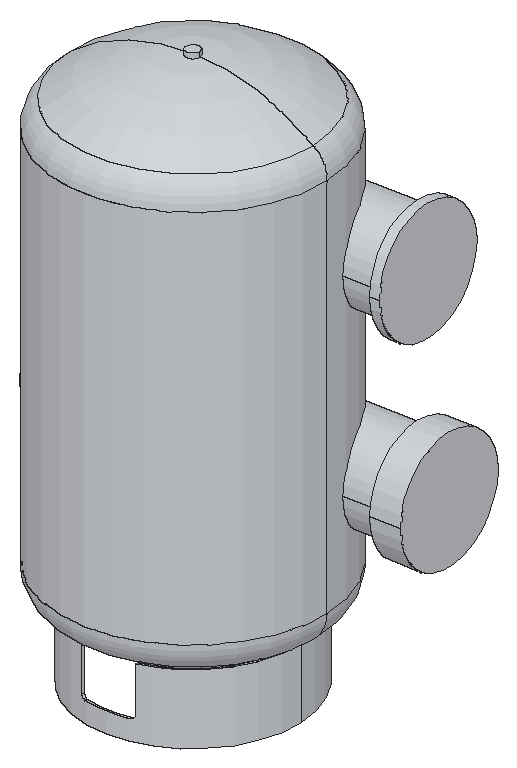
Revit family
Parameters (values of type "10-AS 125# W.P.")
  Weight = "351 lbs"
  Top to Inlet = 18.000"
  Top Connection Radius = 0.375"
  Top Connection Diameter = Top Connection Radius * 2  # 0.750"
  Tank Height = 62.750"
  Tangential = yes
  Tank Height Less Stand = 58.000"
  Tank Diameter = 30.000"
  Pipe Location off CL = 7.750"
  Outlet Pipe Flange Conn. Radius = Outlet Pipe Flange Conn / 2  # 5.000"
  Outlet Pipe Flange Conn = 10.000"
  Model = "10\"-AS"
  Pressure Drop = ".64"
  Max Operating Temp = "350 DEG F"
  Max Operating Pressure = "125 PSI"
  Manufacturer = "Amtrol"
  Inlet CL to Outlet CL = 22.000"
  Inlet Pipe Flange Conn = 10.000"
  Inlet Pipe Flange Conn. Radius = Inlet Pipe Flange Conn / 2  # 5.000"
  Flow (GPM) = "1480"
  Flange to Flange Height = 40.000"
  CL to Outlet Flange = 20.000"
  Bottom Connection Radius = Bottom Connection Diameter / 2  # 0.375"
  Bottom Connection Diameter = 0.750"
  ASME = yes
Types (6): name | Weight | Max Operating Pressure
  (no name) | "351 lbs" | "125 PSI"
  10-AS 125# W.P. | "351 lbs" | "125 PSI"
  10-AS 150# W.P. 10 BAR | "770 lbs" | "150 PSI"
  10-AS 175# W.P. | "770 lbs" | "175 PSI"
  10-AS 250# W.P. | "770 lbs" | "250 PSI"
  10-AS 300# W.P. | "770 lbs" | "300 PSI"
Reference planes (in)
  plane 1 "Center (Front/Back)": y = 0
  plane 2: z = 0
  plane 3 "Center (Left/Right)": x = 0
Forms (in)
  Revolve 1, solid
    sketch origin (0, 0, 0) x (1, 0, 0) y (0, 0, 1)
      loop
        arc (0, 0.5538) -> (7.08252, 1.65699) -> (13.46451, 4.92032) r 22.625
        arc (13.46451, 4.92032) -> (14.59705, 6.25565) -> (14.99988, 7.95962) r 3.75
        line (14.99988, 7.95962) -> (14.99988, 51.12904)
        arc (14.99988, 51.12904) -> (14.59218, 52.80035) -> (13.48111, 54.11374) r 3.75
        arc (13.48111, 54.11374) -> (7.09774, 57.41828) -> (0, 58.5538) r 22.625
        line (0, 58.5538) -> (0, 0.5538)
      axis (0, 0.5538) -> (0, 58.5538)
    angle from 0 to 360
  Extrusion 2, solid
    sketch origin (0, 0, 4.33383) x (0, 1, 0) y (0, 0, 1)
      loop
        circle (7.75, 36.16803) r 5.375
    from 2.04863 to 18.92159
  Extrusion 3, solid
    sketch origin (1.78583, 0, 18.02222) x (0, 1, 0) y (0, 0, 1)
      loop
        circle (7.75, 0.47964) r 5.375
    from -20.40833 to 17.13576
  Extrusion 4, solid
    sketch origin (6.40684, 0, 8.25512) x (0, 1, 0) y (0, 0, 1)
      loop
        circle (7.75, 32.24674) r 6.75
    from 12.51474 to 13.59316
  Extrusion 5, solid
    sketch origin (0, 0, 0.63219) x (0, 1, 0) y (0, 0, 1)
      loop
        circle (7.75, 17.86967) r 6.75
    from -18.6225 to -20
  Sweep 6, solid
    path origin (0.02137, 0, 28.82036) x (1, 0, 0) y (0, 0, 1)
      loop
        line (0, 29.6815) -> (0, 30.1875)
    profile origin (0.02137, 0, 58.75486) x (-1, 0, 0) y (0, -1, 0)
      loop
        circle (0, 0) r 0.75
  Sweep 7, solid
    path origin (0, 0, 0) x (1, 0, 0) y (0, 0, 1)
      loop
        line (0, 0) -> (0, 0.5538)
    profile origin (0, 0, 0.2769) x (-1, 0, 0) y (0, -1, 0)
      loop
        circle (0, 0) r 0.75
  Extrusion 8, solid
    sketch origin (0, 0, 0) x (0, 1, 0) y (0, 0, 1)
      loop
        circle (7.75, 18.50186) r 6.75
    from 22.34352 to 18.92159
  Extrusion 9, solid
    sketch origin (0, 0, 0) x (1, 0, 0) y (0, 1, 0)
      loop
        circle (0, 0) r 12
      loop
        circle (0, 0) r 11.75
    from 3.81043 to -4.03563
  Extrusion 10, void
    sketch origin (0, 0, 0) x (1, 0, 0) y (0, 0, 1)
      loop
        line (-3, 4.39922) -> (-3, -1.28563)
        arc (-3, -1.28563) -> (-2.85355, -1.63919) -> (-2.5, -1.78563) r 0.5
        line (-2.5, -1.78563) -> (2.5, -1.78563)
        arc (2.5, -1.78563) -> (2.85355, -1.63919) -> (3, -1.28563) r 0.5
        line (3, -1.28563) -> (3, 4.39922) -> (-3, 4.39922)
    from 4.41095 to 16.61368
Cuts and joins
  Extrusion 10 cuts Sweep 7
  Extrusion 10 cuts Extrusion 9
Text (in)
  text "INLET" at (24.10692, 0, 44.95774), in view "Front"
  text "OUTLET" at (-31.08609, 0, 15.0752), in view "Front"
  text "STRAINER\n\nACCESS" at (30.42402, 0, 21.25814), in view "Front"
Dimensions and locks (in)
  "Pipe Location off CL": plane 1 "Center (Front/Back)" to Extrusion 2 sketch curve
  "Pipe Location off CL": plane 1 "Center (Front/Back)" to Extrusion 3 sketch curve
  "Pipe Location off CL": Extrusion 5 sketch curve to plane 1 "Center (Front/Back)"
  "Pipe Location off CL": Extrusion 4 sketch curve to plane 1 "Center (Front/Back)"
  "CL to Outlet Flange": Extrusion 5 to plane 3 "Center (Left/Right)"
  "Top to Inlet": Sweep 6 to Extrusion 4 sketch curve
  "Top to Inlet": Sweep 6 to Extrusion 2 sketch curve
  locked: Sweep 6 to Extrusion 5 sketch curve at 40
  locked: Sweep 6 to Extrusion 8 sketch curve at 40
  locked: Sweep 6 to Extrusion 3 sketch curve at 40
  "Pipe Location off CL": plane 1 "Center (Front/Back)" to Extrusion 8 sketch curve
  Revolve 1 sketch curve to Revolve 1 sketch curve = 14.99988"
  Revolve 1 sketch curve to Revolve 1 sketch curve = 18.875"
  "Tank Height Less Stand": Revolve 1 sketch curve to Revolve 1 sketch curve
  locked: Revolve 1 sketch curve to level at 0.5538
  locked: Extrusion 4 to plane 3 "Center (Left/Right)" at 20
  radius of Revolve 1 sketch curve = 22.625"  (x2)
  radius of Revolve 1 sketch curve = 3.750"  (x2)
  aligned and locked: Extrusion 2 to Extrusion 4
  aligned and locked: Extrusion 3 to Extrusion 5
  aligned and locked: Extrusion 3 to Extrusion 2
  aligned and locked: Extrusion 2 to Extrusion 8
Automatic sketch dimensions
  plane 3 "Center (Left/Right)" to Sweep 6 sketch curve = 0.02137"
  Sweep 6 sketch curve to Sweep 6 sketch curve = 0.506"
  plane 1 "Center (Front/Back)" to Sweep 6 sketch curve = 0.000"
  Sweep 6 sketch curve to profile plane = 0.000"
  Sweep 7 sketch curve to plane 3 "Center (Left/Right)" = 0.000"
  Sweep 7 sketch curve to level = 0.000"
  level to Sweep 7 sketch curve = 0.5538"
  plane 1 "Center (Front/Back)" to Sweep 7 sketch curve = 0.000"
  Sweep 7 sketch curve to profile plane = 0.000"
  Extrusion 9 sketch curve to Extrusion 9 sketch curve = 0.000"  (x2)
  plane 1 "Center (Front/Back)" to Extrusion 9 sketch curve = 0.000"
  Extrusion 9 sketch curve to plane 3 "Center (Left/Right)" = 0.000"
  Extrusion 10 sketch curve to plane 3 "Center (Left/Right)" = 3.000"
  Extrusion 10 sketch curve to Extrusion 10 sketch curve = 0.500"  (x2)
  Extrusion 10 sketch curve to level = 1.28563"
  plane 3 "Center (Left/Right)" to Extrusion 10 sketch curve = 2.500"
  level to Extrusion 10 sketch curve = 4.39922"
  Revolve 1 sketch curve to plane 3 "Center (Left/Right)" = 0.000"  (x2)
  plane 3 "Center (Left/Right)" to Revolve 1 sketch curve = 0.02009"
  plane 3 "Center (Left/Right)" to Revolve 1 sketch curve = 0.1031"
  Revolve 1 sketch curve to Revolve 1 sketch curve = 3.74998"
  Revolve 1 sketch curve to Revolve 1 sketch curve = 3.74988"
  Revolve 1 sketch curve to Revolve 1 sketch curve = 1.53538"
  Revolve 1 sketch curve to Revolve 1 sketch curve = 0.000"
  Revolve 1 sketch curve to Revolve 1 sketch curve = 7.80879"
  level to Sweep 6 sketch curve = 58.50186"
  radius of Extrusion 2 sketch curve = 5.375"
  radius of Extrusion 3 sketch curve = 5.375"
  radius of Extrusion 4 sketch curve = 6.750"
  radius of Extrusion 5 sketch curve = 6.750"
  radius of Sweep 6 sketch curve = 0.750"
  radius of Sweep 7 sketch curve = 0.750"
  radius of Extrusion 8 sketch curve = 6.750"
  radius of Extrusion 9 sketch curve = 12.000"
  radius of Extrusion 9 sketch curve = 11.750"
Connectors (in)
  piping at (0.02137, 0, 59.00786), driven by "Top Connection Radius"
    settings: on Sweep 6, index 3
  piping at (-20, 7.75, 18.50186), driven by "Outlet Pipe Flange Conn. Radius"
    settings: on Extrusion 5, index 4
  piping at (0, 0, 0), driven by "Bottom Connection Radius"
    settings: on Sweep 7, index 5
  piping at (20, 7.75, 40.50186), driven by "Inlet Pipe Flange Conn. Radius"
    settings: on Extrusion 4, index 6
